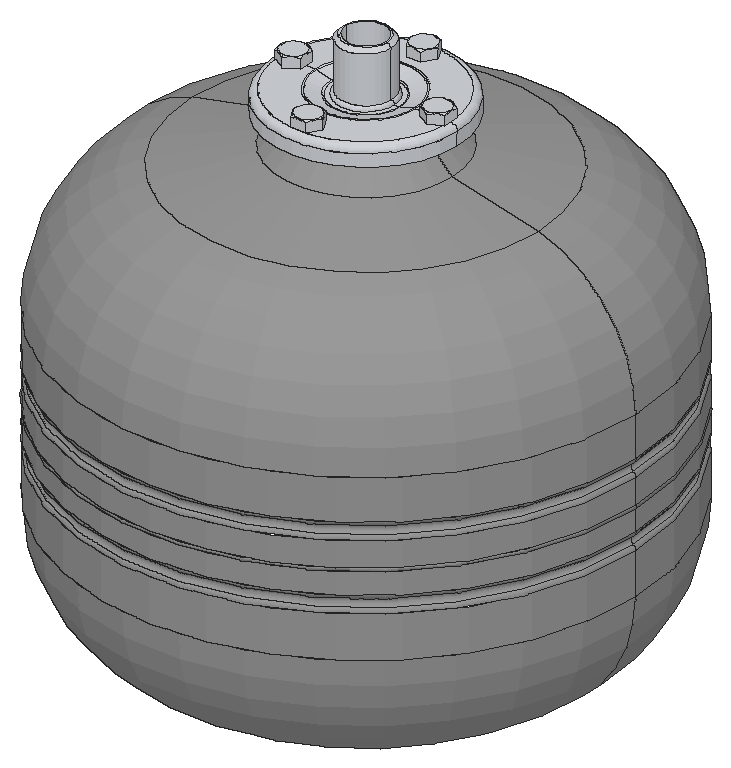
Revit family "WRV 12", category Оборудование, Revit 2014
Parameters
  Описание = "Мембранный бак для отопления V=12л, Py=5бар, 3/4\""
  Материал крышки = Черная резина
  Матеарил = Красная краска
  Масса кг = "2.1"
  Крышка [instance] = yes
  Комментарии к типоразмеру = "WRV 12"
  Изготовитель = "WESTER"  # constant formula
  URL = "http://www.wester.su/"
Reference planes
  plane 1 "По центру (Вперед/Назад)": y = 0
  plane 2: z = 0
  plane 3 "По центру (Влево/Вправо)": x = 0
  plane 4: z = 161.5
Forms (mm)
  Revolve 1, solid, material "Красная краска" <- "Матеарил"
    sketch origin (-161.5, 0, 141.055) x (0, 0, -1) y (1, 0, 0)
      loop
        line (54.946, 301.504) -> (33.372, 301.504)
        arc (33.372, 301.504) -> (32.108, 301.194) -> (31.13, 300.336) r 2.737
        arc (31.13, 300.336) -> (29.023, 299.111) -> (26.893, 300.295) r 2.465
        arc (26.893, 300.295) -> (25.907, 301.183) -> (24.621, 301.504) r 2.741
        line (24.621, 301.504) -> (13.711, 301.504)
        arc (13.711, 301.504) -> (12.858, 301.772) -> (12.005, 301.504) r 1.491
        line (12.005, 301.504) -> (-0.61, 301.504)
        arc (-0.61, 301.504) -> (-1.897, 301.183) -> (-2.882, 300.295) r 2.741
        arc (-2.882, 300.295) -> (-5.013, 299.111) -> (-7.119, 300.336) r 2.465
        arc (-7.119, 300.336) -> (-8.098, 301.194) -> (-9.361, 301.504) r 2.737
        line (-9.361, 301.504) -> (-30.001, 301.504)
        arc (-30.001, 301.504) -> (-72.022, 287.497) -> (-97.237, 251.081) r 70.04
        arc (-97.237, 251.081) -> (-102.87, 228.789) -> (-106.868, 206.147) r 316.121
        line (-106.868, 206.147) -> (-122.443, 190.572) -> (-122.443, 161.5) -> (124.057, 161.5) -> (124.057, 168.355)
        arc (124.057, 168.355) -> (124.128, 168.929) -> (124.385, 169.448) r 1.727
        line (124.385, 169.448) -> (133.11, 181.457)
        arc (133.11, 181.457) -> (133.947, 183.297) -> (133.994, 185.319) r 5.05
        arc (133.994, 185.319) -> (129.842, 218.58) -> (122.141, 251.204) r 311.646
        arc (122.141, 251.204) -> (96.914, 287.536) -> (54.946, 301.504) r 70.032
      axis (-122.443, 161.5) -> (133.994, 161.5)
    angle from 0 to 360
  Revolve 2, solid
    sketch origin (0, 0, -5.061) x (1, 0, 0) y (0, 0, 1)
      loop
        line (0, 268.559) -> (47.492, 268.559) -> (47.492, 274.974)
        arc (47.492, 274.974) -> (46.496, 277.464) -> (44.023, 278.5) r 3.47
        line (44.023, 278.5) -> (26.157, 278.5)
        arc (26.157, 278.5) -> (25.726, 278.448) -> (25.304, 278.35) r 3.918
        line (25.304, 278.35) -> (17.835, 276.159)
        arc (17.835, 276.159) -> (17.456, 276.04) -> (17.06, 276) r 1.968
        line (17.06, 276) -> (14.531, 276)
        arc (14.531, 276) -> (14.187, 277.207) -> (13.224, 278.012) r 2.132
        line (13.224, 278.012) -> (13.224, 302.006) -> (11.23, 304) -> (10.273, 304) -> (10.273, 278.5) -> (0, 278.5) -> (0, 268.559)
      axis (0, 304) -> (0, 268.559)
    angle from 0 to 360
  Revolve 3, solid
    sketch origin (0, 0, 0) x (1, 0, 0) y (0, 0, 1)
      loop
        line (3.985, 0.986) -> (3.985, 12.498) -> (6.063, 12.498) -> (6.063, 16.998) -> (0, 16.998) -> (0, 3.844) -> (1.586, 3.844) -> (2.15, 3.281) -> (2.15, -0.002) -> (2.997, -0.002) -> (3.985, 0.986)
      axis (0, 16.998) -> (0, -0.002)
    angle from 0 to 360
  Revolve 4, solid, material "Черная резина" <- "Материал крышки", visible <- "Крышка"
    sketch origin (0, 0, 0) x (1, 0, 0) y (0, 0, 1)
      loop
        line (0, -1.16) -> (0, 16.998) -> (-6.855, 16.998) -> (-22.122, 6.308) -> (-14.655, -1.16) -> (0, -1.16)
      axis (0, 16.998) -> (0, -1.16)
    angle from 0 to 360
Dimensions and locks
  aligned and locked: level to plane 2
Nested families
  nested 1: "Болт" at (37.5, 0, 273.498) x (0, -1, 0) z (0, 0, 1), type "Болт"
  nested 2: "Болт" at (0, -37.365, 273.498), type "Болт"
  nested 3: "Болт" at (-37.5, 0, 273.498) x (0, -1, 0) z (0, 0, 1), type "Болт"
  nested 4: "Болт" at (0, 37.635, 273.498), type "Болт"
Connectors
  piping at (0, 0, 298.939), diameter 20
    settings: on Revolve 2, index 1, connector inside diameter 609.6 mm, connector length 0 mm, flow factor 0, pipe flow 0.0 L/s, pressure drop 0.0 Pa, fitting loss kfactor 0, connector angle 0.00°, fixture units 0, engagement length 0 mm, angle of deflection 0.00°, flow configuration 1, flow direction 0, fitting loss method 0, system type 29, joint type 0, gender type 0, connector reference index -1, connector utility 0, adjustable connector no, is connector primary yes, connector description ""
Definition of nested family "Болт"
  Parameters (values of type "Болт")
    Default Elevation = 1219.2 mm
  Reference planes
    plane 1 "По центру (Вперед/Назад)": y = 0
    plane 2: z = 0
    plane 3 "По центру (Влево/Вправо)": x = 0
  Forms (mm)
    Extrusion 1, solid
      sketch origin (0, 0, 0) x (1, 0, 0) y (0, 1, 0)
        loop
          line (-1219.2, 1219.2) -> (-1219.2, -1219.2) -> (1219.2, -1219.2) -> (1219.2, 1219.2) -> (-1219.2, 1219.2)
      from 0 to -304.8
    Extrusion 2, solid, detail levels medium+fine
      sketch origin (0, 0, 0) x (0, 1, 0) y (-1, 0, 0)
        loop
          line (-6.5, -3.753) -> (0, -7.506) -> (6.5, -3.753) -> (6.5, 3.753) -> (0, 7.506) -> (-6.5, 3.753) -> (-6.5, -3.753)
      from 0 to 5.3
    Extrusion 3, solid, detail levels medium+fine
      sketch origin (0, 0, 0) x (1, 0, 0) y (0, 1, 0)
        loop
          circle (0, 0) r 4
      from -14 to 0
    Revolve 4, void
      sketch origin (0, 0, 0) x (1, 0, 0) y (0, 0, 1)
        loop
          line (-7.506, 4.447) -> (-6.413, 5.3) -> (-7.506, 5.3) -> (-7.506, 4.447)
        axis (0, 5.3) -> (0, 4.3)
      angle from 0 to 360
    Revolve 5, void
      sketch origin (0, 0, 0) x (1, 0, 0) y (0, 0, 1)
        loop
          line (-4, -14) -> (-2.365, -14) -> (-4, -12.365) -> (-4, -14)
        axis (0, -12.365) -> (0, -14)
      angle from 0 to 360
  Cuts and joins
    Revolve 4 cuts Extrusion 2
    Revolve 5 cuts Extrusion 3
    joined: Extrusion 2, Extrusion 3
  Dimensions and locks
    aligned and locked: plane 2 to Extrusion 1
    aligned and locked: level to Extrusion 1
    aligned and locked: Revolve 4 sketch curve to plane 3 "По центру (Влево/Вправо)"
    aligned and locked: cut or joined group of Extrusion 2, Extrusion 3, Revolve 4, Revolve 5 to Revolve 4 sketch curve
